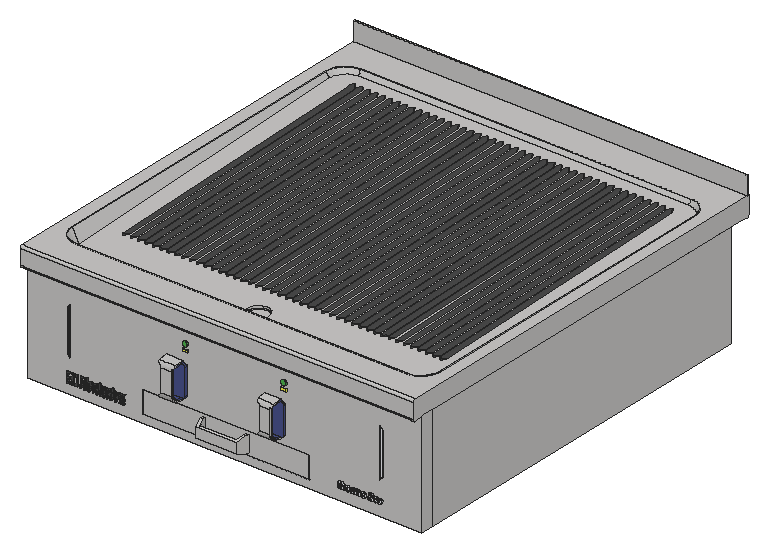
Revit family "QF_ELECTROLUXPROFESSIONAL_588535_MBHNBBHOAO", category Attrezzature speciali, Revit 2020 (continued)
Definition of nested family "Front_Panel_W800_Two Knobs_2Spie"
  Definition of nested family "ELX_Professional_Logo_Small"
    Forms (mm)
      Extrusion 2, solid, material <- "Material_Logo"
        sketch origin (15.5, 0, 0) x (1, 0, 0) y (0, 1, 0)
          loop
            spline (26.308, -1.569) -> (25.99, -1.554) -> (25.688, -1.509) -> (25.404, -1.434) -> (25.141, -1.326) -> (24.9, -1.187) -> (24.684, -1.014) -> (24.496, -0.807) -> (24.336, -0.565) -> (24.209, -0.288) -> (24.115, 0.026) -> (24.057, 0.376) -> (24.037, 0.765)
            line (24.037, 0.765) -> (24.037, 6.838) -> (21.537, 6.838) -> (21.537, 0.558)
            spline (21.537, 0.558) -> (21.581, -0.153) -> (21.71, -0.8) -> (21.916, -1.384) -> (22.195, -1.904) -> (22.54, -2.362) -> (22.944, -2.757) -> (23.403, -3.09) -> (23.909, -3.362) -> (24.456, -3.572) -> (25.04, -3.722) -> (25.652, -3.811) -> (26.288, -3.841)
            spline (26.288, -3.841) -> (26.929, -3.811) -> (27.547, -3.72) -> (28.135, -3.568) -> (28.687, -3.355) -> (29.197, -3.079) -> (29.66, -2.741) -> (30.068, -2.341) -> (30.415, -1.877) -> (30.696, -1.349) -> (30.905, -0.757) -> (31.034, -0.101) -> (31.079, 0.621)
            line (31.079, 0.621) -> (31.079, 6.838) -> (28.581, 6.838)
          loop
            line (40.457, -0.243) -> (38.894, 1.942) -> (40.83, 4.579) -> (42.488, 6.837) -> (39.782, 6.837) -> (37.53, 3.719) -> (35.258, 6.837) -> (32.573, 6.837) -> (34.113, 4.731) -> (36.167, 1.922) -> (34.014, -1.076) -> (32.222, -3.573) -> (34.887, -3.573) -> (37.53, 0.104) -> (40.174, -3.573) -> (42.839, -3.573) -> (40.457, -0.243)
          loop
            line (-46.121, -5.837) -> (-48.039, -5.837) -> (-48.039, -10.814) -> (-47.016, -10.814) -> (-47.016, -9.128) -> (-46.121, -9.128)
            arc (-46.121, -9.128) -> (-44.476, -7.482) -> (-46.121, -5.837) r 1.645
          loop
            line (-46.163, -6.778) -> (-47.016, -6.778) -> (-47.016, -8.187) -> (-46.163, -8.187)
            arc (-46.163, -8.187) -> (-45.458, -7.482) -> (-46.163, -6.778) r 0.704
          loop
            line (-38.313, -5.837) -> (-40.265, -5.837) -> (-40.265, -10.814) -> (-39.241, -10.814) -> (-39.241, -9.1) -> (-38.46, -9.182) -> (-37.48, -10.814) -> (-36.318, -10.814) -> (-37.513, -8.848)
            arc (-37.513, -8.848) -> (-36.888, -8.266) -> (-36.671, -7.441) r 1.536
            arc (-36.671, -7.441) -> (-37.165, -6.305) -> (-38.313, -5.837) r 1.643
          loop
            arc (-38.402, -8.166) -> (-37.707, -7.505) -> (-38.334, -6.778) r 0.696
            line (-38.334, -6.778) -> (-39.241, -6.778) -> (-39.241, -8.166) -> (-38.402, -8.166)
          loop
            circle (-29.965, -8.325) r 2.585
          loop
            circle (-29.965, -8.325) r 1.64
          loop
            line (-23.1, -5.837) -> (-23.1, -10.814) -> (-22.076, -10.814) -> (-22.076, -8.768) -> (-20.204, -8.768) -> (-20.204, -7.828) -> (-22.076, -7.828) -> (-22.076, -6.778) -> (-20.024, -6.778) -> (-20.024, -5.837) -> (-23.1, -5.837)
          loop
            line (-15.802, -5.837) -> (-15.802, -9.2)
            arc (-15.802, -9.2) -> (-15.343, -10.34) -> (-14.209, -10.814) r 1.593
            line (-14.209, -10.814) -> (-12.602, -10.814) -> (-12.602, -10.027) -> (-14.004, -10.027)
            arc (-14.004, -10.027) -> (-14.552, -9.8) -> (-14.779, -9.252) r 0.775
            line (-14.779, -9.252) -> (-14.779, -8.424) -> (-12.789, -8.424) -> (-12.789, -7.642) -> (-14.779, -7.642) -> (-14.779, -6.778) -> (-12.651, -6.778) -> (-12.651, -5.837) -> (-15.802, -5.837)
          loop
            line (-5.909, -7.143) -> (-5.173, -6.638)
            arc (-5.173, -6.638) -> (-5.855, -5.974) -> (-6.781, -5.755) r 1.782
            arc (-6.781, -5.755) -> (-7.397, -5.878) -> (-7.944, -6.189) r 1.974
            arc (-7.944, -6.189) -> (-8.202, -6.5) -> (-8.317, -6.888) r 1.013
            arc (-8.317, -6.888) -> (-8.306, -7.341) -> (-8.192, -7.78) r 1.985
            arc (-8.192, -7.78) -> (-7.749, -8.259) -> (-7.171, -8.563) r 1.928
            arc (-7.171, -8.563) -> (-6.637, -8.779) -> (-6.131, -9.056) r 5.041
            arc (-6.131, -9.056) -> (-5.934, -9.387) -> (-6.09, -9.74) r 0.42
            arc (-6.09, -9.74) -> (-6.631, -9.96) -> (-7.204, -9.845) r 1.016
            arc (-7.204, -9.845) -> (-7.625, -9.603) -> (-7.889, -9.196) r 1.033
            line (-7.889, -9.196) -> (-8.67, -9.686)
            arc (-8.67, -9.686) -> (-8.361, -10.198) -> (-7.908, -10.589) r 1.914
            arc (-7.908, -10.589) -> (-7.334, -10.834) -> (-6.714, -10.896) r 2.063
            arc (-6.714, -10.896) -> (-5.947, -10.743) -> (-5.256, -10.376) r 2.696
            arc (-5.256, -10.376) -> (-4.95, -9.565) -> (-5.108, -8.712) r 1.618
            arc (-5.108, -8.712) -> (-5.448, -8.319) -> (-5.884, -8.035) r 1.876
            arc (-5.884, -8.035) -> (-6.434, -7.789) -> (-6.999, -7.577) r 9.883
            arc (-6.999, -7.577) -> (-7.325, -7.07) -> (-6.854, -6.694) r 0.45
            arc (-6.854, -6.694) -> (-6.329, -6.809) -> (-5.909, -7.143) r 1.197
          loop
            line (1.61, -7.143) -> (2.345, -6.638)
            arc (2.345, -6.638) -> (1.663, -5.974) -> (0.737, -5.755) r 1.782
            arc (0.737, -5.755) -> (0.121, -5.878) -> (-0.425, -6.189) r 1.974
            arc (-0.425, -6.189) -> (-0.683, -6.5) -> (-0.799, -6.888) r 1.013
            arc (-0.799, -6.888) -> (-0.788, -7.341) -> (-0.674, -7.78) r 1.985
            arc (-0.674, -7.78) -> (-0.231, -8.259) -> (0.347, -8.563) r 1.928
            arc (0.347, -8.563) -> (0.881, -8.779) -> (1.387, -9.056) r 5.041
            arc (1.387, -9.056) -> (1.584, -9.387) -> (1.428, -9.74) r 0.42
            arc (1.428, -9.74) -> (0.887, -9.96) -> (0.314, -9.845) r 1.016
            arc (0.314, -9.845) -> (-0.107, -9.603) -> (-0.371, -9.196) r 1.033
            line (-0.371, -9.196) -> (-1.152, -9.686)
            arc (-1.152, -9.686) -> (-0.842, -10.198) -> (-0.39, -10.589) r 1.914
            arc (-0.39, -10.589) -> (0.184, -10.834) -> (0.804, -10.896) r 2.063
            arc (0.804, -10.896) -> (1.572, -10.743) -> (2.263, -10.376) r 2.696
            arc (2.263, -10.376) -> (2.568, -9.565) -> (2.411, -8.712) r 1.618
            arc (2.411, -8.712) -> (2.07, -8.319) -> (1.635, -8.035) r 1.876
            arc (1.635, -8.035) -> (1.084, -7.789) -> (0.519, -7.577) r 9.883
            arc (0.519, -7.577) -> (0.193, -7.07) -> (0.665, -6.694) r 0.45
            arc (0.665, -6.694) -> (1.189, -6.809) -> (1.61, -7.143) r 1.197
          loop
            line (6.801, -5.837) -> (6.801, -10.814) -> (7.825, -10.814) -> (7.825, -5.837) -> (6.801, -5.837)
          loop
            circle (14.724, -8.325) r 1.548
          loop
            circle (14.724, -8.325) r 2.585
          loop
            line (21.59, -10.814) -> (22.623, -10.814) -> (22.623, -7.685) -> (24.9, -10.814) -> (25.895, -10.814) -> (25.895, -5.837) -> (24.861, -5.837) -> (24.861, -9.061) -> (22.585, -5.837) -> (21.59, -5.837) -> (21.59, -10.814)
          loop
            line (31.054, -10.814) -> (31.539, -9.74) -> (33.38, -9.74) -> (33.865, -10.814) -> (34.965, -10.814) -> (32.46, -5.837) -> (29.956, -10.814) -> (31.054, -10.814)
          loop
            line (32.46, -7.698) -> (31.999, -8.719) -> (32.921, -8.719) -> (32.46, -7.698)
          loop
            line (40.047, -9.873) -> (40.047, -5.837) -> (39.024, -5.837) -> (39.024, -10.814) -> (41.961, -10.814) -> (41.961, -9.873) -> (40.047, -9.873)
          loop
            line (-74.986, -10.814) -> (-53.322, -10.814) -> (-53.322, 10.82) -> (-74.986, 10.82) -> (-74.986, -10.814)
          loop
            line (-61.261, 9.758) -> (-61.261, -9.707)
            arc (-61.261, -9.707) -> (-54.066, 0.025) -> (-61.261, 9.758) r 10.18
          loop
            line (-62.251, 8.349) -> (-62.251, 9.758)
            arc (-62.251, 9.758) -> (-70.347, 7.918) -> (-74.247, 0.59) r 9.976
            line (-74.247, 0.59) -> (-71.026, 0.59)
            arc (-71.026, 0.59) -> (-65.274, 2.925) -> (-62.251, 8.349) r 9.351
          loop
            arc (-74.247, -0.539) -> (-70.353, -7.928) -> (-62.251, -9.957) r 10.237
            line (-62.251, -9.957) -> (-62.251, -8.298)
            arc (-62.251, -8.298) -> (-65.274, -2.874) -> (-71.026, -0.539) r 9.351
            line (-71.026, -0.539) -> (-74.247, -0.539)
        from 0 to 1.644
    Dimensions and locks
      aligned and locked: plane 2 to Extrusion 1
      aligned and locked: level to Extrusion 1
Definition of nested family "Rib_D12"
  Parameters
    Show Clearance [instance] = yes
    Model = ""
    Lenght [instance] = 588 mm
    Default Elevation = 0 mm
  Reference planes
    plane 1 "Center (Front/Back)": y = -11.07
    plane 2: z = 0
    plane 3 "Center (Left/Right)": x = 0
    plane 4 "Back": y = 282.93
    plane 5 "Front": y = -305.07
  Forms (mm)
    Extrusion 1, solid
      sketch origin (0, -919.2, 0) x (1, 0, 0) y (0, 1, 0)
        loop
          line (-198.75, 1399.2) -> (-198.75, 386.445) -> (165.741, 386.445) -> (165.741, 1399.2) -> (-198.75, 1399.2)
      from 0 to -59.546
    Extrusion 2, solid
      sketch origin (0, -11.07, -267.484) x (1, 0, 0) y (0, 0, 1)
        loop
          line (-6, 267.484) -> (6, 267.484)
          arc (6, 267.484) -> (0, 269.184) -> (-6, 267.484) r 11.438
      from -294 to 294
    Extrusion 3, void
      sketch origin (0, 0, 0) x (1, 0, 0) y (0, 1, 0)
        loop
          line (-6, 274.93) -> (-2.484, 281.02)
          arc (-2.484, 281.02) -> (0, 282.454) -> (2.484, 281.02) r 2.868
          line (2.484, 281.02) -> (6, 274.93) -> (6, 282.93) -> (-6, 282.93) -> (-6, 274.93)
        loop
          line (-6, -297.07) -> (-6, -305.07) -> (6, -305.07) -> (6, -297.07) -> (2.484, -303.16)
          arc (2.484, -303.16) -> (0, -304.594) -> (-2.484, -303.16) r 2.868
          line (-2.484, -303.16) -> (-6, -297.07)
      from 0 to 2
  Cuts and joins
    Extrusion 3 cuts Extrusion 2
  Lines and regions (mm)
    symbolic lines
      curve 1: line (64.247, -11.07, 0) -> (64.247, -11.07, 4)
      curve 2: line (64.247, -11.07, 4) -> (-64.765, -11.07, 4)
      curve 3: line (-64.765, -11.07, 4) -> (-64.765, -11.07, 0)
      curve 4: line (-40, -11.07, 8) -> (-40, -11.07, 4)
      curve 5: line (40, -11.07, 8) -> (40, -11.07, 4)
      curve 6: line (40, -11.07, 8) -> (-40, -11.07, 8)
      curve 7: line (6, -297.07, 0) -> (6, 274.93, 0)
      curve 8: line (-6, 274.93, 0) -> (-6, -297.07, 0)
      curve 9: line (-6, 274.93, 0) -> (-2.484, 281.02, 0)
      curve 10: line (2.484, 281.02, 0) -> (6, 274.93, 0)
      curve 11: arc (-2.484, 281.02, 0) -> (0, 282.454, 0) -> (2.484, 281.02, 0) r 2.868
      curve 12: line (-2.484, -303.16, 0) -> (-6, -297.07, 0)
      curve 13: arc (2.484, -303.16, 0) -> (0, -304.594, 0) -> (-2.484, -303.16, 0) r 2.868
      curve 14: line (6, -297.07, 0) -> (2.484, -303.16, 0)
  Dimensions and locks
    "Lenght": plane 4 "Back" to plane 5 "Front"
    equal spacing: plane 4 "Back", plane 1 "Center (Front/Back)", plane 5 "Front"
    aligned and locked: plane 2 to Extrusion 1
    aligned and locked: level to Extrusion 1
    aligned and locked: plane 4 "Back" to Extrusion 2
    aligned and locked: Extrusion 2 to plane 5 "Front"
  Automatic sketch dimensions
    curve 3 to level = 0 mm
    curve 1 to level = 0 mm
    level to curve 3 = 4 mm
    curve 3 to plane 3 "Center (Left/Right)" = 64.765 mm
    level to curve 6 = 8 mm
    curve 2 to curve 6 = 24.765 mm
    plane 3 "Center (Left/Right)" to curve 5 = 40 mm
    curve 5 to curve 1 = 24.247 mm
    Extrusion 1 sketch curve to Extrusion 1 sketch curve = 364.491 mm
    Extrusion 1 sketch curve to Extrusion 1 sketch curve = 1012.755 mm
    Extrusion 3 sketch curve to plane 3 "Center (Left/Right)" = 0 mm  (x2)
    Extrusion 3 sketch curve to plane 3 "Center (Left/Right)" = 2.484 mm  (x2)
    Extrusion 3 sketch curve to plane 3 "Center (Left/Right)" = 6 mm
    Extrusion 3 sketch curve to Extrusion 3 sketch curve = 3.516 mm  (x2)
    plane 3 "Center (Left/Right)" to Extrusion 3 sketch curve = 2.484 mm  (x2)
    plane 3 "Center (Left/Right)" to Extrusion 3 sketch curve = 6 mm
    plane 5 "Front" to Extrusion 3 sketch curve = 0 mm
    Extrusion 3 sketch curve to Extrusion 3 sketch curve = 1.91 mm  (x2)
    Extrusion 3 sketch curve to Extrusion 3 sketch curve = 1.434 mm  (x2)
    Extrusion 3 sketch curve to Extrusion 3 sketch curve = 6.09 mm  (x2)
    Extrusion 3 sketch curve to plane 4 "Back" = 8 mm
    Extrusion 3 sketch curve to Extrusion 3 sketch curve = 0 mm
    Extrusion 3 sketch curve to Extrusion 3 sketch curve = 4.656 mm
    curve 9 to plane 3 "Center (Left/Right)" = 6 mm
    curve 8 to plane 4 "Back" = 8 mm
    curve 9 to plane 3 "Center (Left/Right)" = 2.484 mm
    plane 3 "Center (Left/Right)" to curve 7 = 6 mm
    plane 5 "Front" to curve 8 = 8 mm
    plane 5 "Front" to curve 7 = 8 mm
    curve 7 to plane 4 "Back" = 8 mm
    curve 9 to plane 4 "Back" = 1.91 mm
    plane 3 "Center (Left/Right)" to curve 10 = 2.484 mm
    curve 10 to plane 4 "Back" = 1.91 mm
    curve 11 to curve 9 = 1.434 mm
    curve 12 to plane 3 "Center (Left/Right)" = 2.484 mm
    plane 5 "Front" to curve 12 = 1.91 mm
    curve 13 to plane 3 "Center (Left/Right)" = 0 mm
    curve 13 to curve 13 = 1.434 mm
    plane 5 "Front" to curve 13 = 1.91 mm
    Extrusion 2 sketch curve to plane 3 "Center (Left/Right)" = 0 mm
    Extrusion 2 sketch curve to plane 3 "Center (Left/Right)" = 6 mm
    Extrusion 2 sketch curve to level = 9.738 mm
    Extrusion 2 sketch curve to Extrusion 2 sketch curve = 9.738 mm
